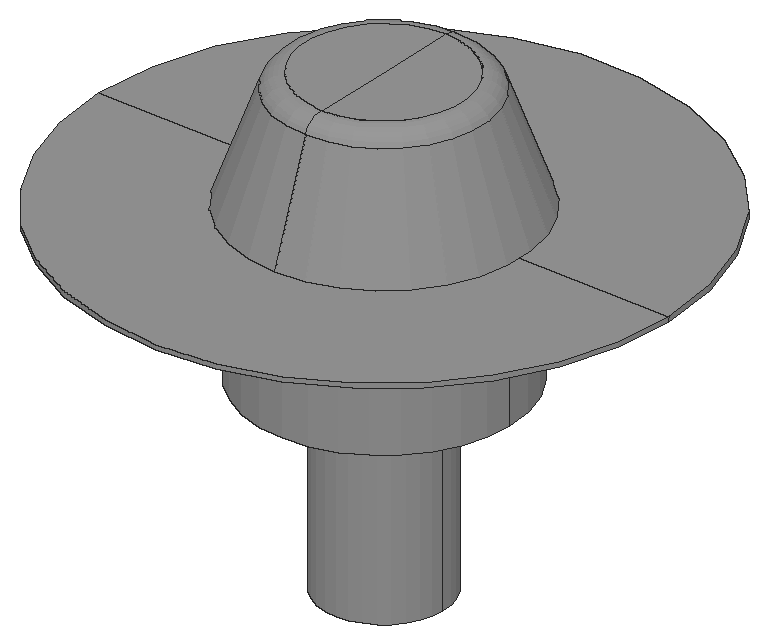
Revit family "HL_RU_Roof drain_HL62F-B-221103", category Sanitärinstallationen, Revit 2020
Family settings
  Bemaßung runder Anschluss = Durchmesser verwenden
  Teiletyp = Normal
  OmniClass-Nummer = 23.70.50.21.24.14
  OmniClass-Titel = Deck Waste Water Drains
  Arbeitsebenenbasiert = Nein
  Immer vertikal = Ja
  Beim Laden mit Abzugskörper schneiden = Nein
  Gemeinsam genutzt = Nein
  Raumberechnungspunkt = Ja
Parameters (values of type "HL_Кровельная воронка_HL62F_7")
  РАЗМЕР = "DN75"
  ПРОПУСКНАЯ СПОСОБНОСТЬ [instance] = 0.0 L/s
  ПРОИЗВОДИТЕЛЬНОСТЬ = "7,4 l/s"
  ПРАВОВАЯ ИНФОРМАЦИЯ = "Авторские права(©), права на дизайн или какие либо другие права интелектуальной собственности являются исключительной собственностью компании HL Hutterer & Lechner. Изменению не подлежит. Файл семейства с данными о прозводителе изделия защищен паролем с водяным знаком."
  НОМИНАЛЬНЫЙ ДИАМЕТР = 75 mm
  МАТЕРИАЛ = "PP"
  ВЕС = "1,32 [kg]"
  Vorgabe-Ansicht = 0 mm
  Hersteller = "HL Hutterer & Lechner GmbH"  # constant formula
  URL = "http://www.hutterer-lechner.com/ru/products/catalog/roof-drains/HL62F/7.aspx"
  Материал плитка [instance] = none
  Lüftungsverbindung = no
  Abwasserrohrverbindung = yes
  HW-Verbindung = no
  KW-Verbindung = no
  Beschreibung = "Кровельные воронки"
  Model = "HL62F_7"
  Assembly Code = " "
  Typenkommentare = "HL62F/7 Кровельная воронка DN75, вертикальный выпуск, с ПП_фланцем,"
  Keynote = "HL62F_7"
  Bысота монтажа [instance] = 0 mm  # constant formula
  G [instance] = 180.00°  # constant formula
  EAN = "9003076031740"
  D [instance] = if(НОМИНАЛЬНЫЙ ДИАМЕТР = 75 mm, 116.6 mm, if(НОМИНАЛЬНЫЙ ДИАМЕТР = 125 mm, 67 mm, 60 mm)) + Bысота монтажа  # 116.6 mm
  C [instance] = if(Bысота монтажа - 68 mm < 0 mm, 0 mm, Bысота монтажа - 68 mm)  # 0 mm
  B [instance] = 100 mm  # constant formula
  A [instance] = if(B - 100 mm > 15 mm, B - 100 mm, 15 mm)  # 15 mm
Types (4, lengths in mm): name | РАЗМЕР | ПРОИЗВОДИТЕЛЬНОСТЬ | НОМИНАЛЬНЫЙ ДИАМЕТР | ВЕС | URL | Model | Typenkommentare | Keynote | EAN | D
  (no name) | "DN75" | "7,4 l/s" | 75 | "1,32 [kg]" | "http://www.hutterer-lechner.com/ru/products/catalog/roof-drains/HL62F/7.aspx" | "HL62F_7" | "HL62F/7 Кровельная воронка DN75, вертикальный выпуск, с ПП_фланцем," | "HL62F_7" | "9003076031740" | 116.6
  HL_Кровельная воронка_HL62F_1 | "DN110" | "7,85 l/s" | 110 | "0,68 [kg]" | "http://www.hutterer-lechner.com/ru/products/catalog/roof-drains/HL62F/1.aspx" | "HL62F_1" | "HL62F/1 Кровельная воронка DN110, вертикальный выпуск, с ПП_фланцем," | "HL62F_1" | "9003076031726" | 60
  HL_Кровельная воронка_HL62F_2 | "DN125" | "10,75 l/s" | 125 | "1,86 [kg]" | "http://www.hutterer-lechner.com/ru/products/catalog/roof-drains/HL62F/2.aspx" | "HL62F_2" | "HL62F/2 Кровельная воронка DN125, вертикальный выпуск, с ПП_фланцем," | "HL62F_2" | "9003076031764" | 67
  HL_Кровельная воронка_HL62F_7 | "DN75" | "7,4 l/s" | 75 | "1,32 [kg]" | "http://www.hutterer-lechner.com/ru/products/catalog/roof-drains/HL62F/7.aspx" | "HL62F_7" | "HL62F/7 Кровельная воронка DN75, вертикальный выпуск, с ПП_фланцем," | "HL62F_7" | "9003076031740" | 116.6
Reference planes
  plane 1 "Center (Front/Back)": y = 0
  plane 2: z = 0
  plane 3 "Center (Left/Right)": x = 0
  plane 4: z = -100
  plane 5: z = 0
Lines and regions (mm)
  model lines, style "InvisibleLines"
    curve 1: line (0, 0, 0) -> (0, 0, 20)
  model lines, style "PlumbingFixtures", detail levels coarse+medium
    curve 2: line (0, 0, -100) -> (0, 0, -85)
    curve 3: line (0, 0, -85) -> (-85, 0, 0)
    curve 4: line (0, 0, -85) -> (85, 0, 0)
    curve 6: line (0, 0, -100) -> (0, 0, -216.6)
  reference lines, not visible
    curve 5: line (0, 0, -100) -> (0, 0, -216.6)
  symbolic lines, style "PlumbingFixtures", detail levels coarse+medium
    curve 7: line (-75, 75, 0) -> (75, 75, 0)
    curve 8: line (-75, -75, 0) -> (-75, 75, 0)
    curve 9: line (75, -75, 0) -> (-75, -75, 0)
    curve 10: line (75, 75, 0) -> (75, -75, 0)
    curve 11: line (-75, 75, 0) -> (-145.711, 145.711, 0)
    curve 12: line (75, 75, 0) -> (145.711, 145.711, 0)
    curve 13: line (-75, -75, 0) -> (-145.711, -145.711, 0)
    curve 14: line (75, -75, 0) -> (145.711, -145.711, 0)
  symbolic lines, style "PlumbingFixtures", not visible, detail levels coarse+medium
    curve 15: line (-75, 75, 0) -> (75, 75, 0)
    curve 16: line (-75, -75, 0) -> (-75, 75, 0)
    curve 17: line (75, -75, 0) -> (-75, -75, 0)
    curve 18: line (75, 75, 0) -> (75, -75, 0)
    curve 19: line (-75, 75, 0) -> (-145.711, 145.711, 0)
    curve 20: line (75, 75, 0) -> (145.711, 145.711, 0)
    curve 21: line (-75, -75, 0) -> (-145.711, -145.711, 0)
    curve 22: line (75, -75, 0) -> (145.711, -145.711, 0)
Text (mm)
  text "FLOOR" at (-162.344, 0, -10.979), in view "Drain Construction View"
Dimensions and locks
  "B": plane 2 to plane 4
  "Bысота монтажа": plane 2 to plane 5
  "A": curve 4 to plane 4
  "D": curve 5 to curve 5
  "D": curve 6 to curve 6
  locked: curve 4 to plane 3 "Center (Left/Right)" (angle 45.00°)
  locked: plane 3 "Center (Left/Right)" to curve 3 (angle 45.00°)
  "G": angle curve 5 to plane 3 "Center (Left/Right)"
  aligned and locked: level to plane 2
  aligned and locked: plane 2 to curve 4
  aligned and locked: plane 2 to curve 3
  aligned and locked: plane 4 to curve 5
  aligned and locked: plane 3 "Center (Left/Right)" to curve 5
  aligned and locked: plane 4 to curve 2
  aligned and locked: curve 6 to plane 3 "Center (Left/Right)"
  aligned and locked: curve 6 to plane 4
  aligned and locked: nested 1 to plane 5
  aligned and locked: plane 3 "Center (Left/Right)" to nested 1
  aligned and locked: plane 2 to nested 2
  aligned and locked: plane 3 "Center (Left/Right)" to nested 2
Automatic sketch dimensions
  curve 2 to plane 3 "Center (Left/Right)" = 0 mm
  curve 1 to plane 3 "Center (Left/Right)" = 0 mm
  curve 1 to level = 0 mm
  level to curve 1 = 20 mm
Nested families
  nested 1: "HL_кровельные воронки - корпус_HL62F" at (0, 0, 0), НОМИНАЛЬНЫЙ ДИАМЕТР <- "НОМИНАЛЬНЫЙ ДИАМЕТР", type "HL_кровельные воронки - корпус_HL62F"
    with НОМИНАЛЬНЫЙ ДИАМЕТР 75 mm, L 119.5 mm
  nested 2: "HL_Вспомогательные материалы-Противопожарная защита_HL062.1E" at (0, 0, 0), type "HL_Вспомогательные материалы-Противопожарная защита_HL062.1E"
Connectors
  piping at (0, 0, -216.6), diameter 75, driven by "ПРОПУСКНАЯ СПОСОБНОСТЬ", driven by "НОМИНАЛЬНЫЙ ДИАМЕТР"
    settings: on curve 5, index 1, connector inside diameter 609.6 mm, connector length 0 mm, flow factor 0, pipe flow 0.0 L/s, pressure drop 0.0 Pa, fitting loss kfactor 0, connector angle 0.00°, fixture units 0, engagement length 0 mm, angle of deflection 0.00°, flow configuration 1, flow direction 2, fitting loss method 0, system type 16, joint type 0, gender type 0, connector reference index -1, connector utility 0, adjustable connector yes, is connector primary yes, connector description ""
Definition of nested family "HL_кровельные воронки - корпус_HL62F"
  Parameters (values of type "HL_кровельные воронки - корпус_HL62F")
    НОМИНАЛЬНЫЙ ДИАМЕТР [instance] = 110 mm
    Default Elevation = 0 mm
    Manufacturer = ""
    URL = ""
    Description = ""
    Model = ""
    L [instance] = if(НОМИНАЛЬНЫЙ ДИАМЕТР = 75 mm, 119.5 mm, if(НОМИНАЛЬНЫЙ ДИАМЕТР = 110 mm, 63 mm, if(НОМИНАЛЬНЫЙ ДИАМЕТР = 125 mm, 70 mm, 0 mm)))  # 63 mm
    Type Comments = ""
    Cost = 0
  Reference planes
    plane 1 "Střed (vpředu/vzadu)": y = 0
    plane 2: z = 0
    plane 3 "Střed (vlevo/vpravo)": x = 0
    plane 4: z = -97
  Forms (mm)
    Revolve 1, solid, detail levels fine
      sketch origin (0, 0, 0) x (1, 0, 0) y (0, 0, 1)
        loop
          line (-180, -3) -> (-81.687, -3) -> (-81.687, -17.808) -> (-79.882, -20.934) -> (-79.882, -97) -> (0, -97) -> (0, -37.3) -> (-64.783, -37.3) -> (-65.765, -29.3) -> (-74.763, -29.3) -> (-74.763, -23.875) -> (-78.907, -16.698) -> (-78.907, 0) -> (-180, 0) -> (-180, -3)
        axis (0, 0) -> (0, -97)
      angle from 0 to 360
    Extrusion 2, solid, detail levels fine
      sketch origin (-79.882, -1524, -97) x (-1, 0, 0) y (0, -1, 0)
        loop
          circle (-79.882, -1524) r 55
      from 0 to -63
  Cuts and joins
    joined: Revolve 1, Extrusion 2
  Dimensions and locks
    "L": plane 4 to cut or joined group of Revolve 1, Extrusion 2
    "НОМИНАЛЬНЫЙ ДИАМЕТР": diameter of Extrusion 2 sketch curve
    aligned and locked: level to plane 2
  Automatic sketch dimensions
    Revolve 1 sketch curve to level = 0 mm
    Revolve 1 sketch curve to plane 3 "Střed (vlevo/vpravo)" = 0 mm  (x2)
    Revolve 1 sketch curve to plane 3 "Střed (vlevo/vpravo)" = 64.783 mm
    Revolve 1 sketch curve to level = 29.3 mm
    Revolve 1 sketch curve to Revolve 1 sketch curve = 0.982 mm
    Revolve 1 sketch curve to Revolve 1 sketch curve = 8.998 mm
    Revolve 1 sketch curve to level = 16.698 mm
    Revolve 1 sketch curve to Revolve 1 sketch curve = 4.143 mm
    Revolve 1 sketch curve to Revolve 1 sketch curve = 15.099 mm
    Revolve 1 sketch curve to Revolve 1 sketch curve = 2.78 mm
    Revolve 1 sketch curve to level = 3 mm
    Revolve 1 sketch curve to Revolve 1 sketch curve = 98.313 mm
    Revolve 1 sketch curve to Revolve 1 sketch curve = 8 mm
    Revolve 1 sketch curve to Revolve 1 sketch curve = 59.7 mm
    Revolve 1 sketch curve to Revolve 1 sketch curve = 5.425 mm
    Revolve 1 sketch curve to Revolve 1 sketch curve = 4.236 mm
    Revolve 1 sketch curve to Revolve 1 sketch curve = 1.11 mm
    Revolve 1 sketch curve to Revolve 1 sketch curve = 203 mm
    level to Revolve 1 sketch curve = 295.621 mm
    plane 1 "Střed (vpředu/vzadu)" to Extrusion 2 sketch curve = 0 mm
    Extrusion 2 sketch curve to plane 3 "Střed (vlevo/vpravo)" = 0 mm
Definition of nested family "HL_Вспомогательные материалы-Противопожарная защита_HL062.1E"
  Parameters
    ПРАВОВАЯ ИНФОРМАЦИЯ = ""
    ВЕС = "0,097 [kg]"
    Default Elevation = 0 mm
    Manufacturer = ""
    URL = ""
    Материал плитка = none
    Description = ""
    Model = ""
    Type Comments = "HL062.1E, domed plastic grate"
    Keynote = ""
    Пропускная способность [instance] = 0.0 L/s
    EAN = "9003076006212"
    Cost = 0
  Types (2, lengths in mm): name | ПРАВОВАЯ ИНФОРМАЦИЯ | Manufacturer | URL | Description | Model | Type Comments | Keynote
    (no name) | "" | "" | "" | "" | "" | "HL062.1E, domed plastic grate" | ""
    HL_Вспомогательные материалы-Противопожарная защита_HL062.1E | "Авторские права(©), права на дизайн или какие либо другие права интелектуальной собственности являются исключительной собственностью компании HL Hutterer & Lechner. Изменению не подлежит. Файл семейства с данными о прозводителе изделия защищен паролем с водяным знаком." | "HL Hutterer & Lechner GmbH" | "http://www.hutterer-lechner.com/ru/products/catalog/roof-drains/HL062.1E.aspx" | "Кровельные воронки" | "HL062.1E" | "HL062.1E, Листвоуловитель" | "HL062.1E"
  Reference planes
    plane 1 "Střed (vpředu/vzadu)": y = 0
    plane 2: z = 0
    plane 3 "Střed (vlevo/vpravo)": x = 0
  Forms (mm)
    Revolve 1, solid, detail levels fine
      sketch origin (0, 0, 0) x (0, 1, 0) y (0, 0, 1)
        loop
          line (0, 75) -> (0, 60.2) -> (47.074, 60.2) -> (68.985, 0) -> (86.249, 0) -> (61.992, 66.646)
          arc (61.992, 66.646) -> (56.733, 72.731) -> (49.016, 75) r 14.255
          line (49.016, 75) -> (0, 75)
        axis (0, 75) -> (0, 0)
      angle from 0 to 360
    Extrusion 2, solid, detail levels fine
      sketch origin (0, 0, 0) x (0, 1, 0) y (1, 0, 0)
        loop
          circle (0, 0) r 78.587
        loop
          circle (0, 0) r 70.981
      from 0 to 16.7
    Extrusion 3, solid, detail levels fine
      sketch origin (0, 0, -16.7) x (-1, 0, 0) y (0, 1, 0)
        loop
          circle (0, 0) r 70
        loop
          circle (0, 0) r 74.546
      from 0 to 12.3
  Dimensions and locks
    aligned and locked: level to plane 2
